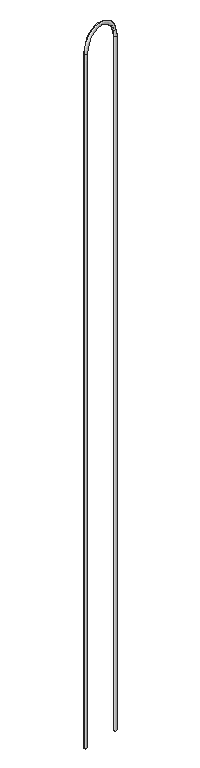
Revit family "Vert Bar Pin Top", category 난간동자, Revit 2026
Family settings
  항상 수직 = 예
  로드될 때 보이드를 사용하여 절단 = 아니오
  공유 = 아니오
Parameters (values of type "Vertical Hair Pin Top Bars")
  built-in parameter 1008623 [instance] = (empty or 0)
  built-in parameter 1008625 [instance] = (empty or 0)
  Material Post = Metal - Steel
  Post = yes
  Manufacturer = ""
  Description = ""
  built-in parameter 1008624 [instance] = (empty or 0)
  built-in parameter 1008622 [instance] = 1400 mm
  Assembly Code = ""
Reference planes
  plane 1 "Center (Front/Back)": y = 0
  plane 2: z = 0
  plane 3 "Center (Left/Right)": x = 0
  plane 4 "Top of Post": z = 1400
  plane 5: y = 40
  plane 6: y = -40
Forms (mm)
  Sweep 1, solid, material "Metal - Steel" <- "Material Post"
    path origin (0, 0, 0) x (0, 1, 0) y (0, 0, 1)
      loop
        line (-40, 0) -> (-40, 1360)
        arc (-40, 1360) -> (0, 1400) -> (40, 1360) r 40
        line (40, 1360) -> (40, 0)
    profile origin (0, 0, 680) x (0, -1, 0) y (1, 0, 0)
      loop
        circle (40, 0) r 2.734
Dimensions and locks
  "built-in parameter 1008622": plane 4 "Top of Post" to level
  equal spacing: plane 6, plane 1 "Center (Front/Back)", plane 5
  locked: plane 6 to plane 5 at 80
Automatic sketch dimensions
  Sweep 1 sketch curve to plane 6 = 0 mm
  Sweep 1 sketch curve to plane 1 "Center (Front/Back)" = 0 mm
  Sweep 1 sketch curve to level = 0 mm  (x2)
  plane 4 "Top of Post" to Sweep 1 sketch curve = 40 mm
  Sweep 1 sketch curve to plane 3 "Center (Left/Right)" = 0 mm
  Sweep 1 sketch curve to profile plane = 0 mm
  radius of Sweep 1 sketch curve = 2.734 mm
